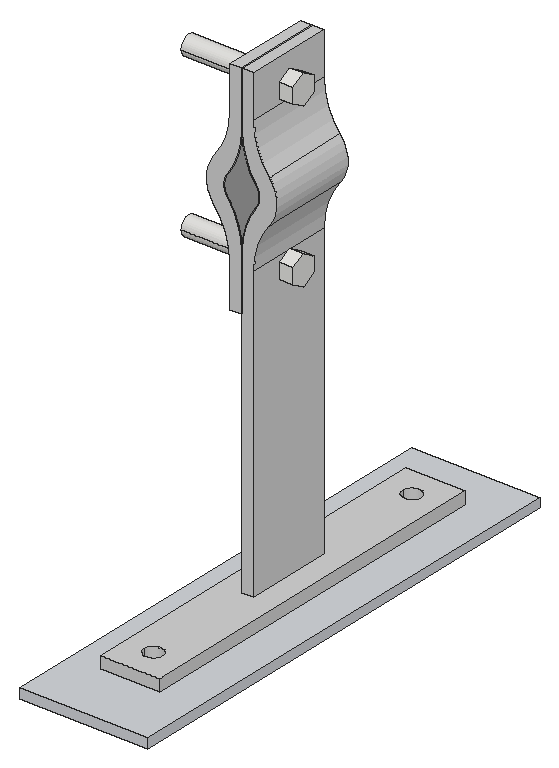
Revit family "КТ-Т015-40", category Оборудование, Revit 2018
Family settings
  Основа = Грань
  Размер круглого соединителя = Использовать диаметр
  Классификация = Нет
  Тип детали = Нормальный
  Номер OmniClass = 23.55.00.00
  Заголовок OmniClass = Manufactured Structures
  При загрузке вырезать с полостями = Нет
  Общий = Да
  Точка расчета площади = Нет
Parameters (values of type "Т001516")
  Спец.ТипМаркаОбозначДокумента [instance] = "КТ-Т015-40"
  Спец.Примечание [instance] = ""
  Спец.Позиция [instance] = ""
  Спец.НаименованиеИТехнХар [instance] = "KT-Т015-40 Кронштейн L-0.30 м для молниеприемников d-40 мм, нержавеющая сталь"
  Спец.МассаТекст [instance] = "6.0"  # constant formula
  Спец.КоличествоДеталей [instance] = 5  # constant formula
  Спец.Количество [instance] = 1  # constant formula
  Спец.КодОборудИзделияМатериала [instance] = "Т001516"
  Спец.Изготовитель [instance] = "АО «ТЭЗИЗ»"  # constant formula
  Спец.ЕдИзм [instance] = "шт."  # constant formula
  Default Elevation = 1219.2 mm
  Мтрл.ТипМатериала = Нержавеющая сталь
  ADSK_Этаж = ""
  ADSK_Примечание = ""
  ADSK_Материал обозначение = ""
  ADSK_Марка = ""
  ADSK_Зона = ""
  ADSK_URL страницы изделия = "http://www.teziz.ru/products.phtml?id=1331"
  ADSK_URL документации изделия = "http://www.teziz.ru/products.phtml?id=1331&p=2"
Reference planes
  plane 1 "По центру (Вперед/Назад)": y = 0
  plane 2: z = 0
  plane 3 "По центру (Влево/Вправо)": x = 0
  plane 4: x = -20
  plane 5: x = 20
  plane 6: y = 130
  plane 7: y = -130
  plane 8: z = 8
  plane 9: y = 30
  plane 10: y = -30
  plane 11: x = -4
  plane 12: x = 4
  plane 13: x = -64
Forms (mm)
  Extrusion 1, solid
    sketch origin (0, 0, 0) x (1, 0, 0) y (0, 1, 0)
      loop
        line (-40, 160) -> (-40, -173.528) -> (46.652, -173.528) -> (46.652, 160) -> (-40, 160)
    from 0 to -6.18
  Extrusion 2, solid, material "Нержавеющая сталь"
    sketch origin (0, 0, 0) x (1, 0, 0) y (0, 1, 0)
      loop
        line (-20, 130) -> (-20, -130) -> (20, -130) -> (20, 130) -> (-20, 130)
      loop
        circle (0, 110) r 6.5
      loop
        circle (0, -110) r 6.5
    from 0 to 8
  Extrusion 3, solid, material "Нержавеющая сталь"
    sketch origin (59.175, 0, -6.042) x (1, 0, 0) y (0, 0, 1)
      loop
        line (-63.175, 334.042) -> (-71.175, 334.042) -> (-71.175, 304.999)
        arc (-71.175, 304.999) -> (-73.955, 288.559) -> (-81.986, 273.947) r 50
        arc (-81.986, 273.947) -> (-87.175, 259.042) -> (-81.986, 244.137) r 24
        arc (-81.986, 244.137) -> (-73.955, 229.526) -> (-71.175, 213.086) r 50
        line (-71.175, 213.086) -> (-71.175, 184.042) -> (-63.175, 184.042) -> (-63.175, 222.382)
        arc (-63.175, 222.382) -> (-65.656, 237.936) -> (-72.853, 251.947) r 50
        arc (-72.853, 251.947) -> (-75.175, 259.042) -> (-72.853, 266.138) r 12
        arc (-72.853, 266.138) -> (-65.656, 280.148) -> (-63.175, 295.703) r 50
        line (-63.175, 295.703) -> (-63.175, 334.042)
    from -30 to 30
  Extrusion 4, void
    sketch origin (0, 0, 0) x (0, 1, 0) y (0, 0, 1)
      loop
        circle (0, 308) r 6.5
      loop
        circle (0, 198) r 6.5
    from -20 to 20
  Extrusion 5, solid, material "Сталь болтовая"
    sketch origin (0, 0, 0) x (0, 1, 0) y (0, 0, 1)
      loop
        circle (0, 308) r 6.5
      loop
        circle (0, 198) r 6.5
    from -64 to 4
  Extrusion 6, solid, material "Сталь болтовая"
    sketch origin (0, 0, 46) x (0, 1, 0) y (0, 0, 1)
      loop
        line (0, 252) -> (8.66, 257) -> (8.66, 267) -> (0, 272) -> (-8.66, 267) -> (-8.66, 257) -> (0, 252)
      loop
        circle (0, 262) r 6.5
      loop
        line (0, 162) -> (-8.66, 157) -> (-8.66, 147) -> (0, 142) -> (8.66, 147) -> (8.66, 157) -> (0, 162)
      loop
        circle (0, 152) r 6.5
    from -22.24 to -12
  Extrusion 7, solid, material "Сталь болтовая"
    sketch origin (50.953, 0, 45) x (0, 1, 0) y (0, 0, 1)
      loop
        line (0, 253) -> (8.66, 258) -> (8.66, 268) -> (0, 273) -> (-8.66, 268) -> (-8.66, 258) -> (0, 253)
      loop
        line (0, 143) -> (8.66, 148) -> (8.66, 158) -> (0, 163) -> (-8.66, 158) -> (-8.66, 148) -> (0, 143)
    from -46.953 to -36.953
  Extrusion 8, solid, material "Нержавеющая сталь"
    sketch origin (-67.175, 0, -6.042) x (-1, 0, 0) y (0, 0, -1)
      loop
        line (-63.175, -334.042) -> (-63.175, -295.703)
        arc (-63.175, -295.703) -> (-65.656, -280.148) -> (-72.853, -266.138) r 50
        arc (-72.853, -266.138) -> (-75.175, -259.042) -> (-72.853, -251.947) r 12
        arc (-72.853, -251.947) -> (-65.656, -237.936) -> (-63.175, -222.382) r 50
        line (-63.175, -222.382) -> (-63.175, -14.042) -> (-71.175, -14.042) -> (-71.175, -213.086)
        arc (-71.175, -213.086) -> (-73.955, -229.526) -> (-81.986, -244.137) r 50
        arc (-81.986, -244.137) -> (-87.175, -259.042) -> (-81.986, -273.947) r 24
        arc (-81.986, -273.947) -> (-73.955, -288.559) -> (-71.175, -304.999) r 50
        line (-71.175, -304.999) -> (-71.175, -334.042) -> (-63.175, -334.042)
    from -30 to 30
  Extrusion 9, solid, material "Прозрачный элемент"
    sketch origin (-67.175, -30, -6.042) x (-1, 0, 0) y (0, 0, -1)
      loop
        arc (-53.498, -266.138) -> (-51.175, -259.042) -> (-53.498, -251.947) r 12
        arc (-53.498, -251.947) -> (-60.695, -237.936) -> (-63.175, -222.382) r 50
        arc (-63.175, -222.382) -> (-65.656, -237.936) -> (-72.853, -251.947) r 50
        arc (-72.853, -251.947) -> (-75.175, -259.042) -> (-72.853, -266.138) r 12
        arc (-72.853, -266.138) -> (-65.656, -280.148) -> (-63.175, -295.703) r 50
        arc (-63.175, -295.703) -> (-60.695, -280.148) -> (-53.498, -266.138) r 50
    from -60 to 0
Cuts and joins
  Extrusion 4 cuts Extrusion 3
  joined: Extrusion 5, Extrusion 7
  Extrusion 4 cuts Extrusion 8
Lines and regions (mm)
  model lines, style "InvisibleLines"
    curve 1: line (-4, -30, 289.661) -> (-4, -30, 216.339)
    curve 2: line (-16, -30, 253) -> (8, -30, 253)
    curve 3: line (-4, 30, 289.661) -> (-4, 30, 216.339)
    curve 4: line (-16, 30, 253) -> (8, 30, 253)
Dimensions and locks
  equal spacing: plane 4, plane 3 "По центру (Влево/Вправо)", plane 5
  plane 4 to plane 5 = 40 mm
  plane 6 to Extrusion 2 sketch curve = 20 mm
  plane 8 to plane 2 = 8 mm
  equal spacing: plane 6, plane 1 "По центру (Вперед/Назад)", plane 7
  plane 6 to plane 7 = 260 mm
  equal spacing: plane 12, plane 3 "По центру (Влево/Вправо)", plane 11
  equal spacing: plane 9, plane 1 "По центру (Вперед/Назад)", plane 10
  cut or joined group of Extrusion 3, Extrusion 4 to level = 328 mm
  cut or joined group of Extrusion 3, Extrusion 4 to cut or joined group of Extrusion 3, Extrusion 4 = 150 mm
  locked: plane 13 to plane 5 at 84
  aligned and locked: plane 2 to Extrusion 1
  aligned and locked: level to Extrusion 1
  aligned and locked: Extrusion 2 sketch curve to plane 6
  aligned and locked: plane 4 to Extrusion 2 sketch curve
  aligned and locked: Extrusion 2 sketch curve to plane 7
  aligned and locked: Extrusion 2 sketch curve to plane 5
  aligned and locked: plane 8 to Extrusion 2
  aligned and locked: plane 9 to Extrusion 3
  aligned and locked: Extrusion 3 to plane 10
  aligned and locked: Extrusion 4 to plane 4
  aligned and locked: plane 5 to Extrusion 4
  aligned and locked: Extrusion 8 sketch curve to plane 8
  aligned and locked: Extrusion 8 to plane 10
  aligned and locked: plane 9 to Extrusion 8
  aligned and locked: cut or joined group of Extrusion 3, Extrusion 4 to Extrusion 9  (x2)
Automatic sketch dimensions
  Extrusion 1 sketch curve to Extrusion 1 sketch curve = 86.652 mm
  Extrusion 1 sketch curve to Extrusion 1 sketch curve = 333.528 mm
  Extrusion 2 sketch curve to plane 3 "По центру (Влево/Вправо)" = 0 mm  (x2)
  Extrusion 2 sketch curve to plane 7 = 20 mm
  Extrusion 3 sketch curve to Extrusion 3 sketch curve = 0 mm  (x4)
  Extrusion 3 sketch curve to plane 11 = 0 mm  (x3)
  plane 4 to Extrusion 3 sketch curve = 8 mm
  Extrusion 3 sketch curve to Extrusion 3 sketch curve = 8 mm
  plane 13 to Extrusion 3 sketch curve = 10 mm  (x2)
  plane 13 to Extrusion 3 sketch curve = 2 mm  (x2)
  plane 8 to Extrusion 3 sketch curve = 170 mm
  Extrusion 3 sketch curve to Extrusion 3 sketch curve = 29.043 mm  (x2)
  Extrusion 3 sketch curve to Extrusion 3 sketch curve = 9.296 mm  (x2)
  Extrusion 3 sketch curve to Extrusion 3 sketch curve = 36.661 mm  (x2)
  Extrusion 4 sketch curve to plane 1 "По центру (Вперед/Назад)" = 0 mm  (x2)
  plane 8 to Extrusion 4 sketch curve = 190 mm
  Extrusion 4 sketch curve to Extrusion 4 sketch curve = 110 mm
  Extrusion 5 sketch curve to Extrusion 5 sketch curve = 0 mm  (x4)
  Extrusion 5 sketch curve to plane 1 "По центру (Вперед/Назад)" = 0 mm  (x2)
  plane 8 to Extrusion 5 sketch curve = 190 mm
  Extrusion 5 sketch curve to Extrusion 5 sketch curve = 110 mm
  plane 1 "По центру (Вперед/Назад)" to Extrusion 5 sketch curve = 6.5 mm  (x2)
  Extrusion 6 sketch curve to plane 1 "По центру (Вперед/Назад)" = 0 mm  (x6)
  plane 1 "По центру (Вперед/Назад)" to Extrusion 6 sketch curve = 8.66 mm  (x2)
  Extrusion 6 sketch curve to plane 1 "По центру (Вперед/Назад)" = 8.66 mm  (x2)
  plane 8 to Extrusion 6 sketch curve = 180 mm
  Extrusion 6 sketch curve to Extrusion 6 sketch curve = 5 mm  (x9)
  Extrusion 6 sketch curve to Extrusion 6 sketch curve = 10 mm  (x3)
  Extrusion 6 sketch curve to Extrusion 6 sketch curve = 90 mm
  Extrusion 7 sketch curve to plane 1 "По центру (Вперед/Назад)" = 0 mm  (x4)
  plane 1 "По центру (Вперед/Назад)" to Extrusion 7 sketch curve = 8.66 mm  (x2)
  Extrusion 7 sketch curve to plane 1 "По центру (Вперед/Назад)" = 8.66 mm  (x2)
  plane 8 to Extrusion 7 sketch curve = 180 mm
  Extrusion 7 sketch curve to Extrusion 7 sketch curve = 5 mm  (x6)
  Extrusion 7 sketch curve to Extrusion 7 sketch curve = 10 mm  (x4)
  Extrusion 7 sketch curve to Extrusion 7 sketch curve = 90 mm
  Extrusion 8 sketch curve to Extrusion 8 sketch curve = 0 mm  (x4)
  Extrusion 8 sketch curve to plane 12 = 0 mm  (x2)
  Extrusion 8 sketch curve to plane 11 = 0 mm  (x3)
  Extrusion 8 sketch curve to plane 5 = 26 mm  (x2)
  Extrusion 8 sketch curve to Extrusion 8 sketch curve = 8 mm  (x2)
  Extrusion 8 sketch curve to Extrusion 8 sketch curve = 199.043 mm
  Extrusion 8 sketch curve to Extrusion 8 sketch curve = 9.296 mm  (x2)
  Extrusion 8 sketch curve to Extrusion 8 sketch curve = 36.661 mm  (x2)
  Extrusion 8 sketch curve to Extrusion 8 sketch curve = 29.043 mm
  curve 1 to Extrusion 8 = 0 mm
  Extrusion 8 to curve 1 = 111.661 mm
  curve 2 to Extrusion 8 = 4 mm
  curve 2 to Extrusion 8 = 12 mm
  curve 1 to curve 2 = 36.661 mm
  Extrusion 8 to curve 1 = 38.339 mm
  Extrusion 8 to curve 3 = 0 mm
  curve 3 to Extrusion 8 = 111.661 mm
  Extrusion 8 to curve 4 = 4 mm
  Extrusion 8 to curve 4 = 12 mm
  curve 3 to curve 4 = 36.661 mm
  curve 3 to Extrusion 8 = 38.339 mm
  Extrusion 9 sketch curve to Extrusion 8 = 0 mm  (x4)
  Extrusion 8 to Extrusion 9 sketch curve = 38.339 mm
  Extrusion 9 sketch curve to Extrusion 9 sketch curve = 50 mm  (x2)
  Extrusion 9 sketch curve to Extrusion 8 = 42 mm  (x2)
  Extrusion 9 sketch curve to Extrusion 9 sketch curve = 43.756 mm
  radius of Extrusion 2 sketch curve = 6.5 mm  (x2)
  radius of Extrusion 4 sketch curve = 6.5 mm  (x2)
  radius of Extrusion 6 sketch curve = 6.5 mm  (x2)
  radius of Extrusion 9 sketch curve to Extrusion 8 = 0 mm  (x2)
